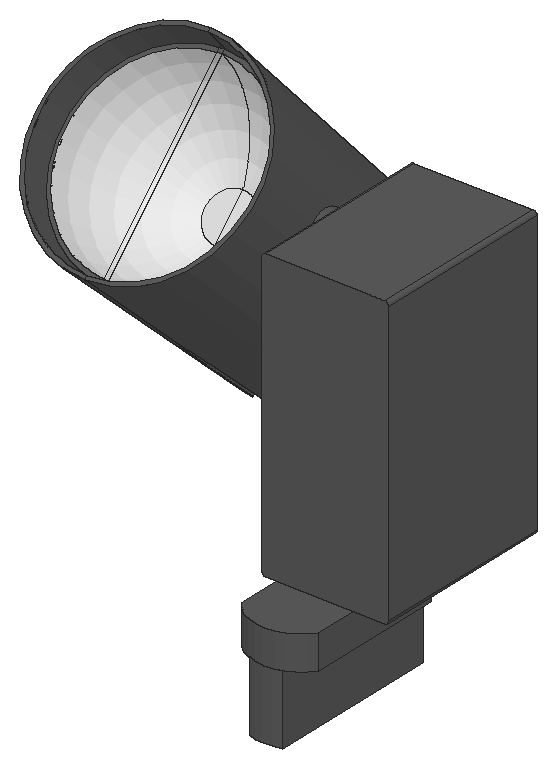
Revit family "0004888 Feilo Sylvania Lighting Fixture START TRACK SPOT S 24W 3K RA90 WB BLACK", category Lighting Fixtures, host Face, Revit 2017
Family settings
  Host = Face
  Round Connector Dimension = Use Diameter
  Part Type = Normal
  OmniClass Number = 23.80.70.00
  OmniClass Title = Lighting
  Cut with Voids When Loaded = No
  Light Source = No
  Shared = No
  Room Calculation Point = No
Parameters (values of type "0004888 START TRACK SPOT S 24W 3K RA90 WB BLACK")
  Weight = "0.966 kg"
  Wattage Comments = ""
  WarrantyStartDate [instance] = "n/a"
  WarrantyGuarantorParts = "n/a"
  WarrantyDurationUnit = "n/a"
  WarrantyDurationParts = "n/a"
  WarrantyDescription = "n/a"
  Voltage = 230 V
  URL = "http://www.sylvania-lighting.com"
  TypeName = "START TRACK SPOT S 24W 3K RA90 WB BLACK"
  TypeHead_FEILO = Start Track Spot Head : 0004888 START TRACK SPOT S 24W 3K RA90 WB BLACK
  TypeBox_FEILO = Start Track Spot Box : Type Small Black
  Type Image = <None>
  Type Comments = "n/a"
  VerticalRotation_FEILO [instance] = 0.00°
  SlideEndAngle_FEILO [instance] = VerticalRotation_FEILO + 180.00°  # 180.00°
  SerialNumber [instance] = "n/a"
  Material_3_FEILO = none
  PowerFactor = 0.95
  PowerConsumption = "24 W"
  NominalLength = 0 mm
  NominalHeight = 200 mm
  NominalDepth = 140 mm
  Name = "START TRACK SPOT S 24W 3K RA90 WB BLACK"
  ModelReference = Name  # "START TRACK SPOT S 24W 3K RA90 WB BLACK"
  ModelNumber = "0004888"
  Model = Name  # "START TRACK SPOT S 24W 3K RA90 WB BLACK"
  Material = "adc12 aluminium housing, polycarbonate diffuser"
  ManufacturerName = "Feilo Sylvania"
  Manufacturer = "Feilo Sylvania"
  LuminousEfficacy = "80 lm/W"
  LuminaireType = ""
  LightOutputRatio = "100"
  LampsType = Lamp  # "LED"
  LampNominalLuminous = "1928 lm"
  LampMacAdamStep = "3"
  LampColourTemperature = "3000 K"
  LampColourRenderingIndex = "90"
  Lamp = "LED"
  Keynote = "16500"
  InstallationDate [instance] = "n/a"
  InputVoltage = "230-240V~"
  InputNominalFrequency = "50/60 Hz"
  IngressProtection = "IP20"
  ImpactProtectionIndex = "IK02"
  IfcExportType = "IfcLightFixtureType"
  IfcExportAs = "IfcLightFixtureType"
  HorizontalRotation_FEILO [instance] = 45.00°
  ExpectedLife = 50000
  ElectricShockClassification = "Class II"
  DurationUnit = "hours"
  DocumentationLiterature = "http://www.sylvania-lighting.com/product/en-int/products/0004888"
  DimmingControlOptions = "Non dimmable"
  Material_2_FEILO = none
  Description = "Integrated LED spotlight, Textured Black - RAL9005, compact and minimalist design, ideal for retail applications, die-cast aluminium body, passive cooling heatsink. Beam angle: 64°, color temperature: 3000K , total system power: 24W, total fixture output: 1928 lm, LOR: 100%, colour rendering: Ra: 90 typical, LED Chromaticity: 3 step MacAdam ellipse, lifetime: >50000 hours at L70B50, energy class: A++, A+, A, IR/UV free light source without heat radiation, operating voltage: 220-240V / 50-60Hz, drive current: 600mA, electronic driver, non-dimmable, power factor: 0.95, electrical protection: Class II, Global Track 3 Phase adapter suitable for Global trac 3-circuit tracks, ingress protection rating: IP20, suitable for internal environment only, horizontal rotation: 355°, vertical tilt: 90°, dimensions: Ø86x140x200, weight: 0.966kg."
  Default Elevation = 1219.2 mm
  CreatedOn = "12/12/2017"
  CreatedBy = ""
  Cost = 0
  built-in parameter 1114216 [instance] = (empty or 0)
  ClassificationValue = "EF_70_80"
  ClassificationName = "Uniclass2015"
  Material_1_FEILO = Body-Sylvania-StartTrackSpot-Black
  BarCode [instance] = "n/a"
  AssetType = "Fixed"
  AssetIdentifier [instance] = "n/a"
  Assembly Code = "D5020200"
  Apparent Load = 24 VA
  Material_4_FEILO = none
Reference planes
  plane 1 "Center (Front/Back)": y = 0
  plane 2: z = 0
  plane 3 "Center (Left/Right)": x = 0
  plane 4: x = 15
  plane 5: x = -15
  plane 6: y = 35
  plane 7: y = -35
  plane 8: z = 13
  plane 9: z = -27
  plane 10: x = 6.5
  plane 11: x = -6.5
  plane 12: y = 27
  plane 13: y = -27
  plane 14: y = 20
Forms (mm)
  Extrusion 1, solid, material "Body-Sylvania-StartTrackSpot-Black" <- "Material_1_FEILO"
    sketch origin (0, 0, 0) x (1, 0, 0) y (0, 1, 0)
      loop
        line (-15, 27) -> (-15, -27)
        arc (-15, -27) -> (0, -35) -> (15, -27) r 18.062
        line (15, -27) -> (15, 27)
        arc (15, 27) -> (0, 35) -> (-15, 27) r 18.062
    from 0 to 13
  Extrusion 2, solid, material "Body-Sylvania-StartTrackSpot-Black" <- "Material_1_FEILO"
    sketch origin (0, 0, 0) x (1, 0, 0) y (0, 1, 0)
      loop
        arc (6.5, 33.79) -> (0, 35) -> (-6.5, 33.79) r 18.062
        line (-6.5, 33.79) -> (-6.5, -33.79)
        arc (-6.5, -33.79) -> (0, -35) -> (6.5, -33.79) r 18.062
        line (6.5, -33.79) -> (6.5, 33.79)
    from 0 to -27
  Revolve 3, solid, not visible
    sketch origin (1524, 20, 1219.2) x (1, 0, 0) y (0, 0, 1)
      loop
        line (-1524, -1206.2) -> (-1524, -1191.285) -> (-1530.5, -1191.285) -> (-1530.5, -1206.2) -> (-1524, -1206.2)
      axis (-1524, -1191.285) -> (-1524, -1206.2)
    angle from 0 <- "VerticalRotation_FEILO" to 180 <- "SlideEndAngle_FEILO"
Cuts and joins
  joined: Extrusion 1, Extrusion 2
Dimensions and locks
  equal spacing: plane 10, plane 3 "Center (Left/Right)", plane 11
  equal spacing: plane 4, plane 3 "Center (Left/Right)", plane 5
  locked: plane 8 to plane 2 at 13
  locked: plane 8 to plane 9 at 40
  equal spacing: plane 13, plane 1 "Center (Front/Back)", plane 12
  locked: plane 12 to plane 6 at 8
  locked: plane 14 to plane 6 at 15
  locked: Revolve 3 sketch curve to plane 8 at 14.915
  aligned and locked: plane 2 to host face
  aligned and locked: level to host face
  aligned and locked: plane 5 to Extrusion 1 sketch curve  (x2)
  aligned and locked: plane 12 to Extrusion 1 sketch curve
  aligned and locked: plane 13 to Extrusion 1 sketch curve
  aligned and locked: plane 4 to Extrusion 1 sketch curve
  aligned and locked: Extrusion 1 to plane 8
  aligned and locked: Extrusion 1 to level
  aligned and locked: Extrusion 2 sketch curve to Extrusion 1  (x2)
  aligned and locked: Extrusion 2 sketch curve to plane 11
  aligned and locked: plane 10 to Extrusion 2 sketch curve
  aligned and locked: plane 9 to Extrusion 2
  aligned and locked: level to Extrusion 2
  aligned and locked: Revolve 3 sketch curve to plane 3 "Center (Left/Right)"  (x2)
  aligned and locked: plane 11 to Revolve 3 sketch curve
  aligned and locked: Revolve 3 sketch curve to plane 8
Automatic sketch dimensions
  host sketch curve to host sketch curve = 2438.4 mm  (x2)
  Extrusion 1 sketch curve to plane 3 "Center (Left/Right)" = 0 mm  (x2)
  Extrusion 1 sketch curve to plane 13 = 10.062 mm
  plane 12 to Extrusion 1 sketch curve = 10.062 mm
  Revolve 3 sketch curve to plane 3 "Center (Left/Right)" = 0 mm
  plane 9 to Revolve 3 sketch curve = 582.6 mm
  Revolve 3 sketch curve to Revolve 3 sketch curve = 2581.144 mm
Nested families
  nested 1: "Start Track Spot Head" at (-62, 20, 112.529) x (0, 0.7071, 0.7071) z (0, 0.7071, -0.7071), type <- "TypeHead_FEILO", type "0004888 START TRACK SPOT S 24W 3K RA90 WB BLACK"
    with built-in parameter 1114216 (empty or 0)
  nested 2: "Start Track Spot Box" at (8.5, 20, 73) x (-1, 0, 0) z (0, -1, 0), BoxStartAngle_FEILO <- "HorizontalRotation_FEILO", type <- "TypeBox_FEILO", type "Type Small Black"
    with BoxStartAngle_FEILO 45.00°, BoxEndAngle_FEILO -135.00°
Connectors
  electrical at (0, 0, 0), driven by "Apparent Load", driven by "PowerFactor", driven by "Voltage"
    settings: index 1, voltage 230 V, apparent load 24 VA, apparent load phase1 0 VA, apparent load phase2 0 VA, apparent load phase3 0 VA, power factor 0.95, load classification "Lighting", number of poles 1, system type 30, power factor state 1, is connector primary yes, connector utility no, sub classification motor no, connector description ""
Definition of nested family "Start Track Spot Head"
  Parameters (values of type "0004811 START TRACK SPOT S 14W 3K RA80 NB WHITE")
    Wattage Comments = "n/a"
    Wattage = 14 W
    built-in parameter 1150110 = 1 (stored number, unit not read)
    URL = "http://www.feilosylvania.com"
    Type Image = (empty or 0)
    Type Comments = "n/a"
    built-in parameter 1114217 = 1 (stored number, unit not read)
    Tilt Angle = -90.00°
    built-in parameter 1150109 = 1 (stored number, unit not read)
    built-in parameter 1150134 = (empty or 0)
    built-in parameter 1150113 = 1 (stored number, unit not read)
    Photometric Web File = "0004811.ies"
    Material_3_FEILO = none
    Model = "START TRACK SPOT S 14W 3K RA80 NB WHITE"
    Manufacturer = "Feilo Sylvania"
    built-in parameter 1150105 = 123.66 (stored number, unit not read)
    Lumens = 1554 lm
    built-in parameter 1150115 = 1 (stored number, unit not read)
    built-in parameter 1150137 = (empty or 0)
    built-in parameter 1150139 = (empty or 0)
    built-in parameter 1150112 = 1 (stored number, unit not read)
    built-in parameter 1150114 = 1 (stored number, unit not read)
    Lamp = "LED"
    Keynote = "16500"
    Material_2_FEILO = none
    built-in parameter 1150132 = (empty or 0)
    built-in parameter 1150102 = (empty or 0)
    built-in parameter 1150107 = 3000 (stored number, unit not read)
    built-in parameter 1150138 = (empty or 0)
    built-in parameter 1150106 = 1.2366 (stored number, unit not read)
    HeadThickness_FEILO = if(HeadDiaOut_FEILO > 112 mm, 2 mm, 1.5 mm)  # 1.5 mm
    HeadRibOffset_FEILO = HeadHeight_FEILO / 28  # 4.179 mm
    HeadRibDepth_FEILO = HeadHeight_FEILO / 2.1  # 55.714 mm
    HeadRibCutWidth_FEILO = HeadDiaOut_FEILO / 12  # 7.167 mm
    HeadRibCutOffset_FEILO = HeadHeight_FEILO / 2.3  # 50.87 mm
    HeadReflectorRadius_FEILO = HeadDiaOut_FEILO / 1.7  # 50.588 mm
    HeadReflectorOffset_FEILO = HeadHeight_FEILO / 2.1  # 55.714 mm
    HeadLEDRadius_FEILO = HeadDiaOut_FEILO / 9  # 9.556 mm
    HeadHeight_FEILO = 117 mm
    HeadDraft_FEILO = 1 mm
    HeadDiffusorThickness_FEILO = 3 mm
    HeadDiffusorOffset_FEILO = HeadHeight_FEILO / 12.4  # 9.435 mm
    HeadDiaOut_FEILO = 86 mm
    HeadDiaIn_FEILO = HeadDiaOut_FEILO / 1.11  # 77.477 mm
    HeadAxisFromTop_FEILO = HeadHeight_FEILO / 1.687  # 69.354 mm
    Emit from Circle Diameter = HeadDiaIn_FEILO  # 77.477 mm
    Emit Shape Visible in Rendering = no
    built-in parameter 1150104 = 10.312 (stored number, unit not read)
    Dimming Lamp Color Temperature Shift = (empty or 0)
    Description = "Integrated LED spotlight, Textured White - RAL9016, compact and minimalist design, ideal for retail applications, die-cast aluminium body, passive cooling heatsink. Beam angle: 12°, color temperature: 3000K , total system power: 14W, total fixture output: 1551 lm, LOR: 100%, colour rendering: Ra: 80 typical, LED Chromaticity: 3 step MacAdam ellipse, lifetime: >50000 hours at L70B50, energy class: A++, A+, A, IR/UV free light source without heat radiation, operating voltage: 220-240V / 50-60Hz, drive current: 350mA, electronic driver, non-dimmable, power factor: 0.92, electrical protection: Class II, Global Track 3 Phase adapter suitable for Global trac 3-circuit tracks, ingress protection rating: IP20, suitable for internal environment only, horizontal rotation: 355°, vertical tilt: 90°, dimensions: Ø86x140x200, weight: 0.940kg."
    Default Elevation = 1219.2 mm
    Cost = 0
    Color Filter = 16777215
    built-in parameter 1114216 [instance] = (empty or 0)
    Material_1_FEILO = none
    built-in parameter 1114218 = 1 (stored number, unit not read)
    built-in parameter 1150133 = 10 (stored number, unit not read)
    Assembly Code = "D5020200"
    Apparent Load = 14 VA
    Material_4_FEILO = none
  Types (96, lengths in mm): name | Wattage | built-in parameter 1150134 | Photometric Web File | Model | built-in parameter 1150105 | Lumens | built-in parameter 1150107 | built-in parameter 1150106 | HeadThickness_FEILO | HeadRibOffset_FEILO | HeadRibDepth_FEILO | HeadRibCutWidth_FEILO | HeadRibCutOffset_FEILO | HeadReflectorRadius_FEILO | HeadReflectorOffset_FEILO | HeadLEDRadius_FEILO | HeadHeight_FEILO | HeadDiffusorOffset_FEILO | HeadDiaOut_FEILO | HeadDiaIn_FEILO | HeadAxisFromTop_FEILO | Emit from Circle Diameter | built-in parameter 1150104 | Description | Apparent Load
    0004906 START TRACK SPOT L 55W 4K RA90 WB BLACK | 55 W | 12 | "0004906.ies" | "START TRACK SPOT L 55W 4K RA90 WB BLACK" | 385.15 (stored number, unit not read) | 4840 lm | 4000 (stored number, unit not read) | 3.8515 (stored number, unit not read) | 2 | 4.429 | 59.048 | 9.417 | 53.913 | 66.471 | 59.048 | 12.556 | 124 | 10 | 113 | 101.802 | 73.503 | 101.802 | 8.1755 (stored number, unit not read) | "Integrated LED spotlight, Textured Black - RAL9005, compact and minimalist design, ideal for retail applications, die-cast aluminium body, passive cooling heatsink. Beam angle: 52°, color temperature: 4000K , total system power: 55W, total fixture output: 4824 lm, LOR: 100%, colour rendering: Ra: 90 typical, LED Chromaticity: 3 step MacAdam ellipse, lifetime: >50000 hours at L70B50, energy class: A++, A+, A, IR/UV free light source without heat radiation, operating voltage: 220-240V / 50-60Hz, drive current: 1400mA, electronic driver, non-dimmable, power factor: 0.96, electrical protection: Class II, Global Track 3 Phase adapter suitable for Global trac 3-circuit tracks, ingress protection rating: IP20, suitable for internal environment only, horizontal rotation: 355°, vertical tilt: 90°, dimensions: Ø113x164x240, weight: 1.398kg." | 55 VA
    0004905 START TRACK SPOT L 55W 4K RA90 MB BLACK | 55 W | 12 | "0004905.ies" | "START TRACK SPOT L 55W 4K RA90 MB BLACK" | 389.53 (stored number, unit not read) | 4895 lm | 4000 (stored number, unit not read) | 3.8953 (stored number, unit not read) | 2 | 4.429 | 59.048 | 9.417 | 53.913 | 66.471 | 59.048 | 12.556 | 124 | 10 | 113 | 101.802 | 73.503 | 101.802 | 8.2684 (stored number, unit not read) | "Integrated LED spotlight, Textured Black - RAL9005, compact and minimalist design, ideal for retail applications, die-cast aluminium body, passive cooling heatsink. Beam angle: 38°, color temperature: 4000K , total system power: 55W, total fixture output: 4897 lm, LOR: 100%, colour rendering: Ra: 90 typical, LED Chromaticity: 3 step MacAdam ellipse, lifetime: >50000 hours at L70B50, energy class: A++, A+, A, IR/UV free light source without heat radiation, operating voltage: 220-240V / 50-60Hz, drive current: 1400mA, electronic driver, non-dimmable, power factor: 0.96, electrical protection: Class II, Global Track 3 Phase adapter suitable for Global trac 3-circuit tracks, ingress protection rating: IP20, suitable for internal environment only, horizontal rotation: 355°, vertical tilt: 90°, dimensions: Ø113x164x240, weight: 1.398kg." | 55 VA
    0004904 START TRACK SPOT L 55W 4K RA90 NB BLACK | 55 W | 12 | "0004904.ies" | "START TRACK SPOT L 55W 4K RA90 NB BLACK" | 393.91 (stored number, unit not read) | 4950 lm | 4000 (stored number, unit not read) | 3.9391 (stored number, unit not read) | 2 | 4.429 | 59.048 | 9.417 | 53.913 | 66.471 | 59.048 | 12.556 | 124 | 10 | 113 | 101.802 | 73.503 | 101.802 | 8.3613 (stored number, unit not read) | "Integrated LED spotlight, Textured Black - RAL9005, compact and minimalist design, ideal for retail applications, die-cast aluminium body, passive cooling heatsink. Beam angle: 15°, color temperature: 4000K , total system power: 55W, total fixture output: 4965 lm, LOR: 100%, colour rendering: Ra: 90 typical, LED Chromaticity: 3 step MacAdam ellipse, lifetime: >50000 hours at L70B50, energy class: A++, A+, A, IR/UV free light source without heat radiation, operating voltage: 220-240V / 50-60Hz, drive current: 1400mA, electronic driver, non-dimmable, power factor: 0.96, electrical protection: Class II, Global Track 3 Phase adapter suitable for Global trac 3-circuit tracks, ingress protection rating: IP20, suitable for internal environment only, horizontal rotation: 355°, vertical tilt: 90°, dimensions: Ø113x164x240, weight: 1.398kg." | 55 VA
    0004903 START TRACK SPOT L 35W 4K RA90 WB BLACK | 35 W | 12 | "0004903.ies" | "START TRACK SPOT L 35W 4K RA90 WB BLACK" | 284.09 (stored number, unit not read) | 3570 lm | 4000 (stored number, unit not read) | 2.8409 (stored number, unit not read) | 2 | 4.429 | 59.048 | 9.417 | 53.913 | 66.471 | 59.048 | 12.556 | 124 | 10 | 113 | 101.802 | 73.503 | 101.802 | 9.4761 (stored number, unit not read) | "Integrated LED spotlight, Textured Black - RAL9005, compact and minimalist design, ideal for retail applications, die-cast aluminium body, passive cooling heatsink. Beam angle: 52°, color temperature: 4000K , total system power: 35W, total fixture output: 3562 lm, LOR: 100%, colour rendering: Ra: 90 typical, LED Chromaticity: 3 step MacAdam ellipse, lifetime: >50000 hours at L70B50, energy class: A++, A+, A, IR/UV free light source without heat radiation, operating voltage: 220-240V / 50-60Hz, drive current: 900mA, electronic driver, non-dimmable, power factor: 0.93, electrical protection: Class II, Global Track 3 Phase adapter suitable for Global trac 3-circuit tracks, ingress protection rating: IP20, suitable for internal environment only, horizontal rotation: 355°, vertical tilt: 90°, dimensions: Ø113x164x240, weight: 1.368kg." | 35 VA
    0004902 START TRACK SPOT L 35W 4K RA90 MB BLACK | 35 W | 12 | "0004902.ies" | "START TRACK SPOT L 35W 4K RA90 MB BLACK" | 286.88 (stored number, unit not read) | 3605 lm | 4000 (stored number, unit not read) | 2.8688 (stored number, unit not read) | 2 | 4.429 | 59.048 | 9.417 | 53.913 | 66.471 | 59.048 | 12.556 | 124 | 10 | 113 | 101.802 | 73.503 | 101.802 | 9.569 (stored number, unit not read) | "Integrated LED spotlight, Textured Black - RAL9005, compact and minimalist design, ideal for retail applications, die-cast aluminium body, passive cooling heatsink. Beam angle: 38°, color temperature: 4000K , total system power: 35W, total fixture output: 3616 lm, LOR: 100%, colour rendering: Ra: 90 typical, LED Chromaticity: 3 step MacAdam ellipse, lifetime: >50000 hours at L70B50, energy class: A++, A+, A, IR/UV free light source without heat radiation, operating voltage: 220-240V / 50-60Hz, drive current: 900mA, electronic driver, non-dimmable, power factor: 0.93, electrical protection: Class II, Global Track 3 Phase adapter suitable for Global trac 3-circuit tracks, ingress protection rating: IP20, suitable for internal environment only, horizontal rotation: 355°, vertical tilt: 90°, dimensions: Ø113x164x240, weight: 1.368kg." | 35 VA
    0004901 START TRACK SPOT L 35W 4K RA90 NB BLACK | 35 W | 12 | "0004901.ies" | "START TRACK SPOT L 35W 4K RA90 NB BLACK" | 286.88 (stored number, unit not read) | 3605 lm | 4000 (stored number, unit not read) | 2.8688 (stored number, unit not read) | 2 | 4.429 | 59.048 | 9.417 | 53.913 | 66.471 | 59.048 | 12.556 | 124 | 10 | 113 | 101.802 | 73.503 | 101.802 | 9.569 (stored number, unit not read) | "Integrated LED spotlight, Textured Black - RAL9005, compact and minimalist design, ideal for retail applications, die-cast aluminium body, passive cooling heatsink. Beam angle: 15°, color temperature: 4000K , total system power: 35W, total fixture output: 3593 lm, LOR: 100%, colour rendering: Ra: 90 typical, LED Chromaticity: 3 step MacAdam ellipse, lifetime: >50000 hours at L70B50, energy class: A++, A+, A, IR/UV free light source without heat radiation, operating voltage: 220-240V / 50-60Hz, drive current: 900mA, electronic driver, non-dimmable, power factor: 0.93, electrical protection: Class II, Global Track 3 Phase adapter suitable for Global trac 3-circuit tracks, ingress protection rating: IP20, suitable for internal environment only, horizontal rotation: 355°, vertical tilt: 90°, dimensions: Ø113x164x240, weight: 1.368kg." | 35 VA
    0004900 START TRACK SPOT S 24W 4K RA90 WB BLACK | 24 W | 12 | "0004900.ies" | "START TRACK SPOT S 24W 4K RA90 WB BLACK" | 166.16 (stored number, unit not read) | 2088 lm | 4000 (stored number, unit not read) | 1.6616 (stored number, unit not read) | 1.5 | 4.179 | 55.714 | 7.167 | 50.87 | 50.588 | 55.714 | 9.556 | 117 | 9.435 | 86 | 77.477 | 69.354 | 77.477 | 8.0826 (stored number, unit not read) | "Integrated LED spotlight, Textured Black - RAL9005, compact and minimalist design, ideal for retail applications, die-cast aluminium body, passive cooling heatsink. Beam angle: 64°, color temperature: 4000K , total system power: 24W, total fixture output: 2087 lm, LOR: 100%, colour rendering: Ra: 90 typical, LED Chromaticity: 3 step MacAdam ellipse, lifetime: >50000 hours at L70B50, energy class: A++, A+, A, IR/UV free light source without heat radiation, operating voltage: 220-240V / 50-60Hz, drive current: 600mA, electronic driver, non-dimmable, power factor: 0.95, electrical protection: Class II, Global Track 3 Phase adapter suitable for Global trac 3-circuit tracks, ingress protection rating: IP20, suitable for internal environment only, horizontal rotation: 355°, vertical tilt: 90°, dimensions: Ø86x140x200, weight: 0.966kg." | 24 VA
    0004899 START TRACK SPOT S 24W 4K RA90 MB BLACK | 24 W | 12 | "0004899.ies" | "START TRACK SPOT S 24W 4K RA90 MB BLACK" | 169.98 (stored number, unit not read) | 2136 lm | 4000 (stored number, unit not read) | 1.6998 (stored number, unit not read) | 1.5 | 4.179 | 55.714 | 7.167 | 50.87 | 50.588 | 55.714 | 9.556 | 117 | 9.435 | 86 | 77.477 | 69.354 | 77.477 | 8.2684 (stored number, unit not read) | "Integrated LED spotlight, Textured Black - RAL9005, compact and minimalist design, ideal for retail applications, die-cast aluminium body, passive cooling heatsink. Beam angle: 36°, color temperature: 4000K , total system power: 24W, total fixture output: 2141 lm, LOR: 100%, colour rendering: Ra: 90 typical, LED Chromaticity: 3 step MacAdam ellipse, lifetime: >50000 hours at L70B50, energy class: A++, A+, A, IR/UV free light source without heat radiation, operating voltage: 220-240V / 50-60Hz, drive current: 600mA, electronic driver, non-dimmable, power factor: 0.95, electrical protection: Class II, Global Track 3 Phase adapter suitable for Global trac 3-circuit tracks, ingress protection rating: IP20, suitable for internal environment only, horizontal rotation: 355°, vertical tilt: 90°, dimensions: Ø86x140x200, weight: 0.966kg." | 24 VA
    0004898 START TRACK SPOT S 24W 4K RA90 NB BLACK | 24 W | 12 | "0004898.ies" | "START TRACK SPOT S 24W 4K RA90 NB BLACK" | 171.89 (stored number, unit not read) | 2160 lm | 4000 (stored number, unit not read) | 1.7189 (stored number, unit not read) | 1.5 | 4.179 | 55.714 | 7.167 | 50.87 | 50.588 | 55.714 | 9.556 | 117 | 9.435 | 86 | 77.477 | 69.354 | 77.477 | 8.3613 (stored number, unit not read) | "Integrated LED spotlight, Textured Black - RAL9005, compact and minimalist design, ideal for retail applications, die-cast aluminium body, passive cooling heatsink. Beam angle: 12°, color temperature: 4000K , total system power: 24W, total fixture output: 2155 lm, LOR: 100%, colour rendering: Ra: 90 typical, LED Chromaticity: 3 step MacAdam ellipse, lifetime: >50000 hours at L70B50, energy class: A++, A+, A, IR/UV free light source without heat radiation, operating voltage: 220-240V / 50-60Hz, drive current: 600mA, electronic driver, non-dimmable, power factor: 0.95, electrical protection: Class II, Global Track 3 Phase adapter suitable for Global trac 3-circuit tracks, ingress protection rating: IP20, suitable for internal environment only, horizontal rotation: 355°, vertical tilt: 90°, dimensions: Ø86x140x200, weight: 0.966kg." | 24 VA
    0004897 START TRACK SPOT S 14W 4K RA90 WB BLACK | 14 W | 12 | "0004897.ies" | "START TRACK SPOT S 14W 4K RA90 WB BLACK" | 108.07 (stored number, unit not read) | 1358 lm | 4000 (stored number, unit not read) | 1.0807 (stored number, unit not read) | 1.5 | 4.179 | 55.714 | 7.167 | 50.87 | 50.588 | 55.714 | 9.556 | 117 | 9.435 | 86 | 77.477 | 69.354 | 77.477 | 9.0116 (stored number, unit not read) | "Integrated LED spotlight, Textured Black - RAL9005, compact and minimalist design, ideal for retail applications, die-cast aluminium body, passive cooling heatsink. Beam angle: 64°, color temperature: 4000K , total system power: 14W, total fixture output: 1352 lm, LOR: 100%, colour rendering: Ra: 90 typical, LED Chromaticity: 3 step MacAdam ellipse, lifetime: >50000 hours at L70B50, energy class: A++, A+, A, IR/UV free light source without heat radiation, operating voltage: 220-240V / 50-60Hz, drive current: 350mA, electronic driver, non-dimmable, power factor: 0.92, electrical protection: Class II, Global Track 3 Phase adapter suitable for Global trac 3-circuit tracks, ingress protection rating: IP20, suitable for internal environment only, horizontal rotation: 355°, vertical tilt: 90°, dimensions: Ø86x140x200, weight: 0.940kg." | 14 VA
    0004896 START TRACK SPOT S 14W 4K RA90 MB BLACK | 14 W | 12 | "0004896.ies" | "START TRACK SPOT S 14W 4K RA90 MB BLACK" | 108.07 (stored number, unit not read) | 1358 lm | 4000 (stored number, unit not read) | 1.0807 (stored number, unit not read) | 1.5 | 4.179 | 55.714 | 7.167 | 50.87 | 50.588 | 55.714 | 9.556 | 117 | 9.435 | 86 | 77.477 | 69.354 | 77.477 | 9.0116 (stored number, unit not read) | "Integrated LED spotlight, Textured Black - RAL9005, compact and minimalist design, ideal for retail applications, die-cast aluminium body, passive cooling heatsink. Beam angle: 36°, color temperature: 4000K , total system power: 14W, total fixture output: 1359 lm, LOR: 100%, colour rendering: Ra: 90 typical, LED Chromaticity: 3 step MacAdam ellipse, lifetime: >50000 hours at L70B50, energy class: A++, A+, A, IR/UV free light source without heat radiation, operating voltage: 220-240V / 50-60Hz, drive current: 350mA, electronic driver, non-dimmable, power factor: 0.92, electrical protection: Class II, Global Track 3 Phase adapter suitable for Global trac 3-circuit tracks, ingress protection rating: IP20, suitable for internal environment only, horizontal rotation: 355°, vertical tilt: 90°, dimensions: Ø86x140x200, weight: 0.940kg." | 14 VA
    0004895 START TRACK SPOT S 14W 4K RA90 NB BLACK | 14 W | 12 | "0004895.ies" | "START TRACK SPOT S 14W 4K RA90 NB BLACK" | 106.95 (stored number, unit not read) | 1344 lm | 4000 (stored number, unit not read) | 1.0695 (stored number, unit not read) | 1.5 | 4.179 | 55.714 | 7.167 | 50.87 | 50.588 | 55.714 | 9.556 | 117 | 9.435 | 86 | 77.477 | 69.354 | 77.477 | 8.9187 (stored number, unit not read) | "Integrated LED spotlight, Textured Black - RAL9005, compact and minimalist design, ideal for retail applications, die-cast aluminium body, passive cooling heatsink. Beam angle: 12°, color temperature: 4000K , total system power: 14W, total fixture output: 1349 lm, LOR: 100%, colour rendering: Ra: 90 typical, LED Chromaticity: 3 step MacAdam ellipse, lifetime: >50000 hours at L70B50, energy class: A++, A+, A, IR/UV free light source without heat radiation, operating voltage: 220-240V / 50-60Hz, drive current: 350mA, electronic driver, non-dimmable, power factor: 0.92, electrical protection: Class II, Global Track 3 Phase adapter suitable for Global trac 3-circuit tracks, ingress protection rating: IP20, suitable for internal environment only, horizontal rotation: 355°, vertical tilt: 90°, dimensions: Ø86x140x200, weight: 0.940kg." | 14 VA
    0004894 START TRACK SPOT L 55W 3K RA90 WB BLACK | 55 W | (empty or 0) | "0004894.ies" | "START TRACK SPOT L 55W 3K RA90 WB BLACK" | 350.14 (stored number, unit not read) | 4400 lm | 3000 (stored number, unit not read) | 3.5014 (stored number, unit not read) | 2 | 4.429 | 59.048 | 9.417 | 53.913 | 66.471 | 59.048 | 12.556 | 124 | 10 | 113 | 101.802 | 73.503 | 101.802 | 7.4322 (stored number, unit not read) | "Integrated LED spotlight, Textured Black - RAL9005, compact and minimalist design, ideal for retail applications, die-cast aluminium body, passive cooling heatsink. Beam angle: 52°, color temperature: 3000K , total system power: 55W, total fixture output: 4405 lm, LOR: 100%, colour rendering: Ra: 90 typical, LED Chromaticity: 3 step MacAdam ellipse, lifetime: >50000 hours at L70B50, energy class: A++, A+, A, IR/UV free light source without heat radiation, operating voltage: 220-240V / 50-60Hz, drive current: 1400mA, electronic driver, non-dimmable, power factor: 0.96, electrical protection: Class II, Global Track 3 Phase adapter suitable for Global trac 3-circuit tracks, ingress protection rating: IP20, suitable for internal environment only, horizontal rotation: 355°, vertical tilt: 90°, dimensions: Ø113x164x240, weight: 1.398kg." | 55 VA
    0004893 START TRACK SPOT L 55W 3K RA90 MB BLACK | 55 W | (empty or 0) | "0004893.ies" | "START TRACK SPOT L 55W 3K RA90 MB BLACK" | 354.52 (stored number, unit not read) | 4455 lm | 3000 (stored number, unit not read) | 3.5452 (stored number, unit not read) | 2 | 4.429 | 59.048 | 9.417 | 53.913 | 66.471 | 59.048 | 12.556 | 124 | 10 | 113 | 101.802 | 73.503 | 101.802 | 7.5251 (stored number, unit not read) | "Integrated LED spotlight, Textured Black - RAL9005, compact and minimalist design, ideal for retail applications, die-cast aluminium body, passive cooling heatsink. Beam angle: 38°, color temperature: 3000K , total system power: 55W, total fixture output: 4448 lm, LOR: 100%, colour rendering: Ra: 90 typical, LED Chromaticity: 3 step MacAdam ellipse, lifetime: >50000 hours at L70B50, energy class: A++, A+, A, IR/UV free light source without heat radiation, operating voltage: 220-240V / 50-60Hz, drive current: 1400mA, electronic driver, non-dimmable, power factor: 0.96, electrical protection: Class II, Global Track 3 Phase adapter suitable for Global trac 3-circuit tracks, ingress protection rating: IP20, suitable for internal environment only, horizontal rotation: 355°, vertical tilt: 90°, dimensions: Ø113x164x240, weight: 1.398kg." | 55 VA
    0004892 START TRACK SPOT L 55W 3K RA90 NB BLACK | 55 W | (empty or 0) | "0004892.ies" | "START TRACK SPOT L 55W 3K RA90 NB BLACK" | 350.14 (stored number, unit not read) | 4400 lm | 3000 (stored number, unit not read) | 3.5014 (stored number, unit not read) | 2 | 4.429 | 59.048 | 9.417 | 53.913 | 66.471 | 59.048 | 12.556 | 124 | 10 | 113 | 101.802 | 73.503 | 101.802 | 7.4322 (stored number, unit not read) | "Integrated LED spotlight, Textured Black - RAL9005, compact and minimalist design, ideal for retail applications, die-cast aluminium body, passive cooling heatsink. Beam angle: 15°, color temperature: 3000K , total system power: 55W, total fixture output: 4416 lm, LOR: 100%, colour rendering: Ra: 90 typical, LED Chromaticity: 3 step MacAdam ellipse, lifetime: >50000 hours at L70B50, energy class: A++, A+, A, IR/UV free light source without heat radiation, operating voltage: 220-240V / 50-60Hz, drive current: 1400mA, electronic driver, non-dimmable, power factor: 0.96, electrical protection: Class II, Global Track 3 Phase adapter suitable for Global trac 3-circuit tracks, ingress protection rating: IP20, suitable for internal environment only, horizontal rotation: 355°, vertical tilt: 90°, dimensions: Ø113x164x240, weight: 1.398kg." | 55 VA
    0004891 START TRACK SPOT L 35W 3K RA90 WB BLACK | 35 W | (empty or 0) | "0004891.ies" | "START TRACK SPOT L 35W 3K RA90 WB BLACK" | 259.02 (stored number, unit not read) | 3255 lm | 3000 (stored number, unit not read) | 2.5902 (stored number, unit not read) | 2 | 4.429 | 59.048 | 9.417 | 53.913 | 66.471 | 59.048 | 12.556 | 124 | 10 | 113 | 101.802 | 73.503 | 101.802 | 8.64 (stored number, unit not read) | "Integrated LED spotlight, Textured Black - RAL9005, compact and minimalist design, ideal for retail applications, die-cast aluminium body, passive cooling heatsink. Beam angle: 52°, color temperature: 3000K , total system power: 35W, total fixture output: 3260 lm, LOR: 100%, colour rendering: Ra: 90 typical, LED Chromaticity: 3 step MacAdam ellipse, lifetime: >50000 hours at L70B50, energy class: A++, A+, A, IR/UV free light source without heat radiation, operating voltage: 220-240V / 50-60Hz, drive current: 900mA, electronic driver, non-dimmable, power factor: 0.93, electrical protection: Class II, Global Track 3 Phase adapter suitable for Global trac 3-circuit tracks, ingress protection rating: IP20, suitable for internal environment only, horizontal rotation: 355°, vertical tilt: 90°, dimensions: Ø113x164x240, weight: 1.368kg." | 35 VA
    0004890 START TRACK SPOT L 35W 3K RA90 MB BLACK | 35 W | (empty or 0) | "0004890.ies" | "START TRACK SPOT L 35W 3K RA90 MB BLACK" | 261.81 (stored number, unit not read) | 3290 lm | 3000 (stored number, unit not read) | 2.6181 (stored number, unit not read) | 2 | 4.429 | 59.048 | 9.417 | 53.913 | 66.471 | 59.048 | 12.556 | 124 | 10 | 113 | 101.802 | 73.503 | 101.802 | 8.7329 (stored number, unit not read) | "Integrated LED spotlight, Textured Black - RAL9005, compact and minimalist design, ideal for retail applications, die-cast aluminium body, passive cooling heatsink. Beam angle: 38°, color temperature: 3000K , total system power: 35W, total fixture output: 3306 lm, LOR: 100%, colour rendering: Ra: 90 typical, LED Chromaticity: 3 step MacAdam ellipse, lifetime: >50000 hours at L70B50, energy class: A++, A+, A, IR/UV free light source without heat radiation, operating voltage: 220-240V / 50-60Hz, drive current: 900mA, electronic driver, non-dimmable, power factor: 0.93, electrical protection: Class II, Global Track 3 Phase adapter suitable for Global trac 3-circuit tracks, ingress protection rating: IP20, suitable for internal environment only, horizontal rotation: 355°, vertical tilt: 90°, dimensions: Ø113x164x240, weight: 1.368kg." | 35 VA
    0004889 START TRACK SPOT L 35W 3K RA90 NB BLACK | 35 W | (empty or 0) | "0004889.ies" | "START TRACK SPOT L 35W 3K RA90 NB BLACK" | 261.81 (stored number, unit not read) | 3290 lm | 3000 (stored number, unit not read) | 2.6181 (stored number, unit not read) | 2 | 4.429 | 59.048 | 9.417 | 53.913 | 66.471 | 59.048 | 12.556 | 124 | 10 | 113 | 101.802 | 73.503 | 101.802 | 8.7329 (stored number, unit not read) | "Integrated LED spotlight, Textured Black - RAL9005, compact and minimalist design, ideal for retail applications, die-cast aluminium body, passive cooling heatsink. Beam angle: 15°, color temperature: 3000K , total system power: 35W, total fixture output: 3287 lm, LOR: 100%, colour rendering: Ra: 90 typical, LED Chromaticity: 3 step MacAdam ellipse, lifetime: >50000 hours at L70B50, energy class: A++, A+, A, IR/UV free light source without heat radiation, operating voltage: 220-240V / 50-60Hz, drive current: 900mA, electronic driver, non-dimmable, power factor: 0.93, electrical protection: Class II, Global Track 3 Phase adapter suitable for Global trac 3-circuit tracks, ingress protection rating: IP20, suitable for internal environment only, horizontal rotation: 355°, vertical tilt: 90°, dimensions: Ø113x164x240, weight: 1.368kg." | 35 VA
    0004888 START TRACK SPOT S 24W 3K RA90 WB BLACK | 24 W | (empty or 0) | "0004888.ies" | "START TRACK SPOT S 24W 3K RA90 WB BLACK" | 152.79 (stored number, unit not read) | 1920 lm | 3000 (stored number, unit not read) | 1.5279 (stored number, unit not read) | 1.5 | 4.179 | 55.714 | 7.167 | 50.87 | 50.588 | 55.714 | 9.556 | 117 | 9.435 | 86 | 77.477 | 69.354 | 77.477 | 7.4322 (stored number, unit not read) | "Integrated LED spotlight, Textured Black - RAL9005, compact and minimalist design, ideal for retail applications, die-cast aluminium body, passive cooling heatsink. Beam angle: 64°, color temperature: 3000K , total system power: 24W, total fixture output: 1928 lm, LOR: 100%, colour rendering: Ra: 90 typical, LED Chromaticity: 3 step MacAdam ellipse, lifetime: >50000 hours at L70B50, energy class: A++, A+, A, IR/UV free light source without heat radiation, operating voltage: 220-240V / 50-60Hz, drive current: 600mA, electronic driver, non-dimmable, power factor: 0.95, electrical protection: Class II, Global Track 3 Phase adapter suitable for Global trac 3-circuit tracks, ingress protection rating: IP20, suitable for internal environment only, horizontal rotation: 355°, vertical tilt: 90°, dimensions: Ø86x140x200, weight: 0.966kg." | 24 VA
    0004887 START TRACK SPOT S 24W 3K RA90 MB BLACK | 24 W | (empty or 0) | "0004887.ies" | "START TRACK SPOT S 24W 3K RA90 MB BLACK" | 154.7 (stored number, unit not read) | 1944 lm | 3000 (stored number, unit not read) | 1.547 (stored number, unit not read) | 1.5 | 4.179 | 55.714 | 7.167 | 50.87 | 50.588 | 55.714 | 9.556 | 117 | 9.435 | 86 | 77.477 | 69.354 | 77.477 | 7.5251 (stored number, unit not read) | "Integrated LED spotlight, Textured Black - RAL9005, compact and minimalist design, ideal for retail applications, die-cast aluminium body, passive cooling heatsink. Beam angle: 36°, color temperature: 3000K , total system power: 24W, total fixture output: 1944 lm, LOR: 100%, colour rendering: Ra: 90 typical, LED Chromaticity: 3 step MacAdam ellipse, lifetime: >50000 hours at L70B50, energy class: A++, A+, A, IR/UV free light source without heat radiation, operating voltage: 220-240V / 50-60Hz, drive current: 600mA, electronic driver, non-dimmable, power factor: 0.95, electrical protection: Class II, Global Track 3 Phase adapter suitable for Global trac 3-circuit tracks, ingress protection rating: IP20, suitable for internal environment only, horizontal rotation: 355°, vertical tilt: 90°, dimensions: Ø86x140x200, weight: 0.966kg." | 24 VA
    0004886 START TRACK SPOT S 24W 3K RA90 NB BLACK | 24 W | (empty or 0) | "0004886.ies" | "START TRACK SPOT S 24W 3K RA90 NB BLACK" | 158.52 (stored number, unit not read) | 1992 lm | 3000 (stored number, unit not read) | 1.5852 (stored number, unit not read) | 1.5 | 4.179 | 55.714 | 7.167 | 50.87 | 50.588 | 55.714 | 9.556 | 117 | 9.435 | 86 | 77.477 | 69.354 | 77.477 | 7.711 (stored number, unit not read) | "Integrated LED spotlight, Textured Black - RAL9005, compact and minimalist design, ideal for retail applications, die-cast aluminium body, passive cooling heatsink. Beam angle: 12°, color temperature: 3000K , total system power: 24W, total fixture output: 1987 lm, LOR: 100%, colour rendering: Ra: 90 typical, LED Chromaticity: 3 step MacAdam ellipse, lifetime: >50000 hours at L70B50, energy class: A++, A+, A, IR/UV free light source without heat radiation, operating voltage: 220-240V / 50-60Hz, drive current: 600mA, electronic driver, non-dimmable, power factor: 0.95, electrical protection: Class II, Global Track 3 Phase adapter suitable for Global trac 3-circuit tracks, ingress protection rating: IP20, suitable for internal environment only, horizontal rotation: 355°, vertical tilt: 90°, dimensions: Ø86x140x200, weight: 0.966kg." | 24 VA
    0004885 START TRACK SPOT S 14W 3K RA90 WB BLACK | 14 W | (empty or 0) | "0004885.ies" | "START TRACK SPOT S 14W 3K RA90 WB BLACK" | 100.27 (stored number, unit not read) | 1260 lm | 3000 (stored number, unit not read) | 1.0027 (stored number, unit not read) | 1.5 | 4.179 | 55.714 | 7.167 | 50.87 | 50.588 | 55.714 | 9.556 | 117 | 9.435 | 86 | 77.477 | 69.354 | 77.477 | 8.3613 (stored number, unit not read) | "Integrated LED spotlight, Textured Black - RAL9005, compact and minimalist design, ideal for retail applications, die-cast aluminium body, passive cooling heatsink. Beam angle: 64°, color temperature: 3000K , total system power: 14W, total fixture output: 1262 lm, LOR: 100%, colour rendering: Ra: 90 typical, LED Chromaticity: 3 step MacAdam ellipse, lifetime: >50000 hours at L70B50, energy class: A++, A+, A, IR/UV free light source without heat radiation, operating voltage: 220-240V / 50-60Hz, drive current: 350mA, electronic driver, non-dimmable, power factor: 0.92, electrical protection: Class II, Global Track 3 Phase adapter suitable for Global trac 3-circuit tracks, ingress protection rating: IP20, suitable for internal environment only, horizontal rotation: 355°, vertical tilt: 90°, dimensions: Ø86x140x200, weight: 0.940kg." | 14 VA
    0004884 START TRACK SPOT S 14W 3K RA90 MB BLACK | 14 W | (empty or 0) | "0004884.ies" | "START TRACK SPOT S 14W 3K RA90 MB BLACK" | 100.27 (stored number, unit not read) | 1260 lm | 3000 (stored number, unit not read) | 1.0027 (stored number, unit not read) | 1.5 | 4.179 | 55.714 | 7.167 | 50.87 | 50.588 | 55.714 | 9.556 | 117 | 9.435 | 86 | 77.477 | 69.354 | 77.477 | 8.3613 (stored number, unit not read) | "Integrated LED spotlight, Textured Black - RAL9005, compact and minimalist design, ideal for retail applications, die-cast aluminium body, passive cooling heatsink. Beam angle: 36°, color temperature: 3000K , total system power: 14W, total fixture output: 1262 lm, LOR: 100%, colour rendering: Ra: 90 typical, LED Chromaticity: 3 step MacAdam ellipse, lifetime: >50000 hours at L70B50, energy class: A++, A+, A, IR/UV free light source without heat radiation, operating voltage: 220-240V / 50-60Hz, drive current: 350mA, electronic driver, non-dimmable, power factor: 0.92, electrical protection: Class II, Global Track 3 Phase adapter suitable for Global trac 3-circuit tracks, ingress protection rating: IP20, suitable for internal environment only, horizontal rotation: 355°, vertical tilt: 90°, dimensions: Ø86x140x200, weight: 0.940kg." | 14 VA
    0004883 START TRACK SPOT S 14W 3K RA90 NB BLACK | 14 W | (empty or 0) | "0004883.ies" | "START TRACK SPOT S 14W 3K RA90 NB BLACK" | 102.5 (stored number, unit not read) | 1288 lm | 3000 (stored number, unit not read) | 1.025 (stored number, unit not read) | 1.5 | 4.179 | 55.714 | 7.167 | 50.87 | 50.588 | 55.714 | 9.556 | 117 | 9.435 | 86 | 77.477 | 69.354 | 77.477 | 8.5471 (stored number, unit not read) | "Integrated LED spotlight, Textured Black - RAL9005, compact and minimalist design, ideal for retail applications, die-cast aluminium body, passive cooling heatsink. Beam angle: 12°, color temperature: 3000K , total system power: 14W, total fixture output: 1284 lm, LOR: 100%, colour rendering: Ra: 90 typical, LED Chromaticity: 3 step MacAdam ellipse, lifetime: >50000 hours at L70B50, energy class: A++, A+, A, IR/UV free light source without heat radiation, operating voltage: 220-240V / 50-60Hz, drive current: 350mA, electronic driver, non-dimmable, power factor: 0.92, electrical protection: Class II, Global Track 3 Phase adapter suitable for Global trac 3-circuit tracks, ingress protection rating: IP20, suitable for internal environment only, horizontal rotation: 355°, vertical tilt: 90°, dimensions: Ø86x140x200, weight: 0.940kg." | 14 VA
    0004882 START TRACK SPOT L 55W 4K RA90 WB WHITE | 55 W | 12 | "0004882.ies" | "START TRACK SPOT L 55W 4K RA90 WB WHITE" | 385.15 (stored number, unit not read) | 4840 lm | 4000 (stored number, unit not read) | 3.8515 (stored number, unit not read) | 2 | 4.429 | 59.048 | 9.417 | 53.913 | 66.471 | 59.048 | 12.556 | 124 | 10 | 113 | 101.802 | 73.503 | 101.802 | 8.1755 (stored number, unit not read) | "Integrated LED spotlight, Textured White - RAL9016, compact and minimalist design, ideal for retail applications, die-cast aluminium body, passive cooling heatsink. Beam angle: 52°, color temperature: 4000K , total system power: 55W, total fixture output: 4824 lm, LOR: 100%, colour rendering: Ra: 90 typical, LED Chromaticity: 3 step MacAdam ellipse, lifetime: >50000 hours at L70B50, energy class: A++, A+, A, IR/UV free light source without heat radiation, operating voltage: 220-240V / 50-60Hz, drive current: 1400mA, electronic driver, non-dimmable, power factor: 0.96, electrical protection: Class II, Global Track 3 Phase adapter suitable for Global trac 3-circuit tracks, ingress protection rating: IP20, suitable for internal environment only, horizontal rotation: 355°, vertical tilt: 90°, dimensions: Ø113x164x240, weight: 1.398kg." | 55 VA
    0004881 START TRACK SPOT L 55W 4K RA90 MB WHITE | 55 W | 12 | "0004881.ies" | "START TRACK SPOT L 55W 4K RA90 MB WHITE" | 389.53 (stored number, unit not read) | 4895 lm | 4000 (stored number, unit not read) | 3.8953 (stored number, unit not read) | 2 | 4.429 | 59.048 | 9.417 | 53.913 | 66.471 | 59.048 | 12.556 | 124 | 10 | 113 | 101.802 | 73.503 | 101.802 | 8.2684 (stored number, unit not read) | "Integrated LED spotlight, Textured White - RAL9016, compact and minimalist design, ideal for retail applications, die-cast aluminium body, passive cooling heatsink. Beam angle: 38°, color temperature: 4000K , total system power: 55W, total fixture output: 4897 lm, LOR: 100%, colour rendering: Ra: 90 typical, LED Chromaticity: 3 step MacAdam ellipse, lifetime: >50000 hours at L70B50, energy class: A++, A+, A, IR/UV free light source without heat radiation, operating voltage: 220-240V / 50-60Hz, drive current: 1400mA, electronic driver, non-dimmable, power factor: 0.96, electrical protection: Class II, Global Track 3 Phase adapter suitable for Global trac 3-circuit tracks, ingress protection rating: IP20, suitable for internal environment only, horizontal rotation: 355°, vertical tilt: 90°, dimensions: Ø113x164x240, weight: 1.398kg." | 55 VA
    0004880 START TRACK SPOT L 55W 4K RA90 NB WHITE | 55 W | 12 | "0004880.ies" | "START TRACK SPOT L 55W 4K RA90 NB WHITE" | 393.91 (stored number, unit not read) | 4950 lm | 4000 (stored number, unit not read) | 3.9391 (stored number, unit not read) | 2 | 4.429 | 59.048 | 9.417 | 53.913 | 66.471 | 59.048 | 12.556 | 124 | 10 | 113 | 101.802 | 73.503 | 101.802 | 8.3613 (stored number, unit not read) | "Integrated LED spotlight, Textured White - RAL9016, compact and minimalist design, ideal for retail applications, die-cast aluminium body, passive cooling heatsink. Beam angle: 15°, color temperature: 4000K , total system power: 55W, total fixture output: 4965 lm, LOR: 100%, colour rendering: Ra: 90 typical, LED Chromaticity: 3 step MacAdam ellipse, lifetime: >50000 hours at L70B50, energy class: A++, A+, A, IR/UV free light source without heat radiation, operating voltage: 220-240V / 50-60Hz, drive current: 1400mA, electronic driver, non-dimmable, power factor: 0.96, electrical protection: Class II, Global Track 3 Phase adapter suitable for Global trac 3-circuit tracks, ingress protection rating: IP20, suitable for internal environment only, horizontal rotation: 355°, vertical tilt: 90°, dimensions: Ø113x164x240, weight: 1.398kg." | 55 VA
    0004879 START TRACK SPOT L 35W 4K RA90 WB WHITE | 35 W | 12 | "0004879.ies" | "START TRACK SPOT L 35W 4K RA90 WB WHITE" | 284.09 (stored number, unit not read) | 3570 lm | 4000 (stored number, unit not read) | 2.8409 (stored number, unit not read) | 2 | 4.429 | 59.048 | 9.417 | 53.913 | 66.471 | 59.048 | 12.556 | 124 | 10 | 113 | 101.802 | 73.503 | 101.802 | 9.4761 (stored number, unit not read) | "Integrated LED spotlight, Textured White - RAL9016, compact and minimalist design, ideal for retail applications, die-cast aluminium body, passive cooling heatsink. Beam angle: 52°, color temperature: 4000K , total system power: 35W, total fixture output: 3562 lm, LOR: 100%, colour rendering: Ra: 90 typical, LED Chromaticity: 3 step MacAdam ellipse, lifetime: >50000 hours at L70B50, energy class: A++, A+, A, IR/UV free light source without heat radiation, operating voltage: 220-240V / 50-60Hz, drive current: 900mA, electronic driver, non-dimmable, power factor: 0.93, electrical protection: Class II, Global Track 3 Phase adapter suitable for Global trac 3-circuit tracks, ingress protection rating: IP20, suitable for internal environment only, horizontal rotation: 355°, vertical tilt: 90°, dimensions: Ø113x164x240, weight: 1.368kg." | 35 VA
    0004878 START TRACK SPOT L 35W 4K RA90 MB WHITE | 35 W | 12 | "0004878.ies" | "START TRACK SPOT L 35W 4K RA90 MB WHITE" | 286.88 (stored number, unit not read) | 3605 lm | 4000 (stored number, unit not read) | 2.8688 (stored number, unit not read) | 2 | 4.429 | 59.048 | 9.417 | 53.913 | 66.471 | 59.048 | 12.556 | 124 | 10 | 113 | 101.802 | 73.503 | 101.802 | 9.569 (stored number, unit not read) | "Integrated LED spotlight, Textured White - RAL9016, compact and minimalist design, ideal for retail applications, die-cast aluminium body, passive cooling heatsink. Beam angle: 38°, color temperature: 4000K , total system power: 35W, total fixture output: 3616 lm, LOR: 100%, colour rendering: Ra: 90 typical, LED Chromaticity: 3 step MacAdam ellipse, lifetime: >50000 hours at L70B50, energy class: A++, A+, A, IR/UV free light source without heat radiation, operating voltage: 220-240V / 50-60Hz, drive current: 900mA, electronic driver, non-dimmable, power factor: 0.93, electrical protection: Class II, Global Track 3 Phase adapter suitable for Global trac 3-circuit tracks, ingress protection rating: IP20, suitable for internal environment only, horizontal rotation: 355°, vertical tilt: 90°, dimensions: Ø113x164x240, weight: 1.368kg." | 35 VA
    0004877 START TRACK SPOT L 35W 4K RA90 NB WHITE | 35 W | 12 | "0004877.ies" | "START TRACK SPOT L 35W 4K RA90 NB WHITE" | 286.88 (stored number, unit not read) | 3605 lm | 4000 (stored number, unit not read) | 2.8688 (stored number, unit not read) | 2 | 4.429 | 59.048 | 9.417 | 53.913 | 66.471 | 59.048 | 12.556 | 124 | 10 | 113 | 101.802 | 73.503 | 101.802 | 9.569 (stored number, unit not read) | "Integrated LED spotlight, Textured White - RAL9016, compact and minimalist design, ideal for retail applications, die-cast aluminium body, passive cooling heatsink. Beam angle: 15°, color temperature: 4000K , total system power: 35W, total fixture output: 3593 lm, LOR: 100%, colour rendering: Ra: 90 typical, LED Chromaticity: 3 step MacAdam ellipse, lifetime: >50000 hours at L70B50, energy class: A++, A+, A, IR/UV free light source without heat radiation, operating voltage: 220-240V / 50-60Hz, drive current: 900mA, electronic driver, non-dimmable, power factor: 0.93, electrical protection: Class II, Global Track 3 Phase adapter suitable for Global trac 3-circuit tracks, ingress protection rating: IP20, suitable for internal environment only, horizontal rotation: 355°, vertical tilt: 90°, dimensions: Ø113x164x240, weight: 1.368kg." | 35 VA
    0004876 START TRACK SPOT S 24W 4K RA90 WB WHITE | 24 W | 12 | "0004876.ies" | "START TRACK SPOT S 24W 4K RA90 WB WHITE" | 166.16 (stored number, unit not read) | 2088 lm | 4000 (stored number, unit not read) | 1.6616 (stored number, unit not read) | 1.5 | 4.179 | 55.714 | 7.167 | 50.87 | 50.588 | 55.714 | 9.556 | 117 | 9.435 | 86 | 77.477 | 69.354 | 77.477 | 8.0826 (stored number, unit not read) | "Integrated LED spotlight, Textured White - RAL9016, compact and minimalist design, ideal for retail applications, die-cast aluminium body, passive cooling heatsink. Beam angle: 64°, color temperature: 4000K , total system power: 24W, total fixture output: 2087 lm, LOR: 100%, colour rendering: Ra: 90 typical, LED Chromaticity: 3 step MacAdam ellipse, lifetime: >50000 hours at L70B50, energy class: A++, A+, A, IR/UV free light source without heat radiation, operating voltage: 220-240V / 50-60Hz, drive current: 600mA, electronic driver, non-dimmable, power factor: 0.95, electrical protection: Class II, Global Track 3 Phase adapter suitable for Global trac 3-circuit tracks, ingress protection rating: IP20, suitable for internal environment only, horizontal rotation: 355°, vertical tilt: 90°, dimensions: Ø86x140x200, weight: 0.966kg." | 24 VA
    0004875 START TRACK SPOT S 24W 4K RA90 MB WHITE | 24 W | 12 | "0004875.ies" | "START TRACK SPOT S 24W 4K RA90 MB WHITE" | 169.98 (stored number, unit not read) | 2136 lm | 4000 (stored number, unit not read) | 1.6998 (stored number, unit not read) | 1.5 | 4.179 | 55.714 | 7.167 | 50.87 | 50.588 | 55.714 | 9.556 | 117 | 9.435 | 86 | 77.477 | 69.354 | 77.477 | 8.2684 (stored number, unit not read) | "Integrated LED spotlight, Textured White - RAL9016, compact and minimalist design, ideal for retail applications, die-cast aluminium body, passive cooling heatsink. Beam angle: 36°, color temperature: 4000K , total system power: 24W, total fixture output: 2141 lm, LOR: 100%, colour rendering: Ra: 90 typical, LED Chromaticity: 3 step MacAdam ellipse, lifetime: >50000 hours at L70B50, energy class: A++, A+, A, IR/UV free light source without heat radiation, operating voltage: 220-240V / 50-60Hz, drive current: 600mA, electronic driver, non-dimmable, power factor: 0.95, electrical protection: Class II, Global Track 3 Phase adapter suitable for Global trac 3-circuit tracks, ingress protection rating: IP20, suitable for internal environment only, horizontal rotation: 355°, vertical tilt: 90°, dimensions: Ø86x140x200, weight: 0.966kg." | 24 VA
    0004874 START TRACK SPOT S 24W 4K RA90 NB WHITE | 24 W | 12 | "0004874.ies" | "START TRACK SPOT S 24W 4K RA90 NB WHITE" | 171.89 (stored number, unit not read) | 2160 lm | 4000 (stored number, unit not read) | 1.7189 (stored number, unit not read) | 1.5 | 4.179 | 55.714 | 7.167 | 50.87 | 50.588 | 55.714 | 9.556 | 117 | 9.435 | 86 | 77.477 | 69.354 | 77.477 | 8.3613 (stored number, unit not read) | "Integrated LED spotlight, Textured White - RAL9016, compact and minimalist design, ideal for retail applications, die-cast aluminium body, passive cooling heatsink. Beam angle: 12°, color temperature: 4000K , total system power: 24W, total fixture output: 2155 lm, LOR: 100%, colour rendering: Ra: 90 typical, LED Chromaticity: 3 step MacAdam ellipse, lifetime: >50000 hours at L70B50, energy class: A++, A+, A, IR/UV free light source without heat radiation, operating voltage: 220-240V / 50-60Hz, drive current: 600mA, electronic driver, non-dimmable, power factor: 0.95, electrical protection: Class II, Global Track 3 Phase adapter suitable for Global trac 3-circuit tracks, ingress protection rating: IP20, suitable for internal environment only, horizontal rotation: 355°, vertical tilt: 90°, dimensions: Ø86x140x200, weight: 0.966kg." | 24 VA
    0004873 START TRACK SPOT S 14W 4K RA90 WB WHITE | 14 W | 12 | "0004873.ies" | "START TRACK SPOT S 14W 4K RA90 WB WHITE" | 108.07 (stored number, unit not read) | 1358 lm | 4000 (stored number, unit not read) | 1.0807 (stored number, unit not read) | 1.5 | 4.179 | 55.714 | 7.167 | 50.87 | 50.588 | 55.714 | 9.556 | 117 | 9.435 | 86 | 77.477 | 69.354 | 77.477 | 9.0116 (stored number, unit not read) | "Integrated LED spotlight, Textured White - RAL9016, compact and minimalist design, ideal for retail applications, die-cast aluminium body, passive cooling heatsink. Beam angle: 64°, color temperature: 4000K , total system power: 14W, total fixture output: 1352 lm, LOR: 100%, colour rendering: Ra: 90 typical, LED Chromaticity: 3 step MacAdam ellipse, lifetime: >50000 hours at L70B50, energy class: A++, A+, A, IR/UV free light source without heat radiation, operating voltage: 220-240V / 50-60Hz, drive current: 350mA, electronic driver, non-dimmable, power factor: 0.92, electrical protection: Class II, Global Track 3 Phase adapter suitable for Global trac 3-circuit tracks, ingress protection rating: IP20, suitable for internal environment only, horizontal rotation: 355°, vertical tilt: 90°, dimensions: Ø86x140x200, weight: 0.940kg." | 14 VA
    0004872 START TRACK SPOT S 14W 4K RA90 MB WHITE | 14 W | 12 | "0004872.ies" | "START TRACK SPOT S 14W 4K RA90 MB WHITE" | 108.07 (stored number, unit not read) | 1358 lm | 4000 (stored number, unit not read) | 1.0807 (stored number, unit not read) | 1.5 | 4.179 | 55.714 | 7.167 | 50.87 | 50.588 | 55.714 | 9.556 | 117 | 9.435 | 86 | 77.477 | 69.354 | 77.477 | 9.0116 (stored number, unit not read) | "Integrated LED spotlight, Textured White - RAL9016, compact and minimalist design, ideal for retail applications, die-cast aluminium body, passive cooling heatsink. Beam angle: 36°, color temperature: 4000K , total system power: 14W, total fixture output: 1359 lm, LOR: 100%, colour rendering: Ra: 90 typical, LED Chromaticity: 3 step MacAdam ellipse, lifetime: >50000 hours at L70B50, energy class: A++, A+, A, IR/UV free light source without heat radiation, operating voltage: 220-240V / 50-60Hz, drive current: 350mA, electronic driver, non-dimmable, power factor: 0.92, electrical protection: Class II, Global Track 3 Phase adapter suitable for Global trac 3-circuit tracks, ingress protection rating: IP20, suitable for internal environment only, horizontal rotation: 355°, vertical tilt: 90°, dimensions: Ø86x140x200, weight: 0.940kg." | 14 VA
    0004871 START TRACK SPOT S 14W 4K RA90 NB WHITE | 14 W | 12 | "0004871.ies" | "START TRACK SPOT S 14W 4K RA90 NB WHITE" | 106.95 (stored number, unit not read) | 1344 lm | 4000 (stored number, unit not read) | 1.0695 (stored number, unit not read) | 1.5 | 4.179 | 55.714 | 7.167 | 50.87 | 50.588 | 55.714 | 9.556 | 117 | 9.435 | 86 | 77.477 | 69.354 | 77.477 | 8.9187 (stored number, unit not read) | "Integrated LED spotlight, Textured White - RAL9016, compact and minimalist design, ideal for retail applications, die-cast aluminium body, passive cooling heatsink. Beam angle: 12°, color temperature: 4000K , total system power: 14W, total fixture output: 1349 lm, LOR: 100%, colour rendering: Ra: 90 typical, LED Chromaticity: 3 step MacAdam ellipse, lifetime: >50000 hours at L70B50, energy class: A++, A+, A, IR/UV free light source without heat radiation, operating voltage: 220-240V / 50-60Hz, drive current: 350mA, electronic driver, non-dimmable, power factor: 0.92, electrical protection: Class II, Global Track 3 Phase adapter suitable for Global trac 3-circuit tracks, ingress protection rating: IP20, suitable for internal environment only, horizontal rotation: 355°, vertical tilt: 90°, dimensions: Ø86x140x200, weight: 0.940kg." | 14 VA
    0004870 START TRACK SPOT L 55W 3K RA90 WB WHITE | 55 W | (empty or 0) | "0004870.ies" | "START TRACK SPOT L 55W 3K RA90 WB WHITE" | 350.14 (stored number, unit not read) | 4400 lm | 3000 (stored number, unit not read) | 3.5014 (stored number, unit not read) | 2 | 4.429 | 59.048 | 9.417 | 53.913 | 66.471 | 59.048 | 12.556 | 124 | 10 | 113 | 101.802 | 73.503 | 101.802 | 7.4322 (stored number, unit not read) | "Integrated LED spotlight, Textured White - RAL9016, compact and minimalist design, ideal for retail applications, die-cast aluminium body, passive cooling heatsink. Beam angle: 52°, color temperature: 3000K , total system power: 55W, total fixture output: 4405 lm, LOR: 100%, colour rendering: Ra: 90 typical, LED Chromaticity: 3 step MacAdam ellipse, lifetime: >50000 hours at L70B50, energy class: A++, A+, A, IR/UV free light source without heat radiation, operating voltage: 220-240V / 50-60Hz, drive current: 1400mA, electronic driver, non-dimmable, power factor: 0.96, electrical protection: Class II, Global Track 3 Phase adapter suitable for Global trac 3-circuit tracks, ingress protection rating: IP20, suitable for internal environment only, horizontal rotation: 355°, vertical tilt: 90°, dimensions: Ø113x164x240, weight: 1.398kg." | 55 VA
    0004869 START TRACK SPOT L 55W 3K RA90 MB WHITE | 55 W | (empty or 0) | "0004869.ies" | "START TRACK SPOT L 55W 3K RA90 MB WHITE" | 354.52 (stored number, unit not read) | 4455 lm | 3000 (stored number, unit not read) | 3.5452 (stored number, unit not read) | 2 | 4.429 | 59.048 | 9.417 | 53.913 | 66.471 | 59.048 | 12.556 | 124 | 10 | 113 | 101.802 | 73.503 | 101.802 | 7.5251 (stored number, unit not read) | "Integrated LED spotlight, Textured White - RAL9016, compact and minimalist design, ideal for retail applications, die-cast aluminium body, passive cooling heatsink. Beam angle: 38°, color temperature: 3000K , total system power: 55W, total fixture output: 4448 lm, LOR: 100%, colour rendering: Ra: 90 typical, LED Chromaticity: 3 step MacAdam ellipse, lifetime: >50000 hours at L70B50, energy class: A++, A+, A, IR/UV free light source without heat radiation, operating voltage: 220-240V / 50-60Hz, drive current: 1400mA, electronic driver, non-dimmable, power factor: 0.96, electrical protection: Class II, Global Track 3 Phase adapter suitable for Global trac 3-circuit tracks, ingress protection rating: IP20, suitable for internal environment only, horizontal rotation: 355°, vertical tilt: 90°, dimensions: Ø113x164x240, weight: 1.398kg." | 55 VA
    0004868 START TRACK SPOT L 55W 3K RA90 NB WHITE | 55 W | (empty or 0) | "0004868.ies" | "START TRACK SPOT L 55W 3K RA90 NB WHITE" | 350.14 (stored number, unit not read) | 4400 lm | 3000 (stored number, unit not read) | 3.5014 (stored number, unit not read) | 2 | 4.429 | 59.048 | 9.417 | 53.913 | 66.471 | 59.048 | 12.556 | 124 | 10 | 113 | 101.802 | 73.503 | 101.802 | 7.4322 (stored number, unit not read) | "Integrated LED spotlight, Textured White - RAL9016, compact and minimalist design, ideal for retail applications, die-cast aluminium body, passive cooling heatsink. Beam angle: 15°, color temperature: 3000K , total system power: 55W, total fixture output: 4416 lm, LOR: 100%, colour rendering: Ra: 90 typical, LED Chromaticity: 3 step MacAdam ellipse, lifetime: >50000 hours at L70B50, energy class: A++, A+, A, IR/UV free light source without heat radiation, operating voltage: 220-240V / 50-60Hz, drive current: 1400mA, electronic driver, non-dimmable, power factor: 0.96, electrical protection: Class II, Global Track 3 Phase adapter suitable for Global trac 3-circuit tracks, ingress protection rating: IP20, suitable for internal environment only, horizontal rotation: 355°, vertical tilt: 90°, dimensions: Ø113x164x240, weight: 1.398kg." | 55 VA
    0004867 START TRACK SPOT L 35W 3K RA90 WB WHITE | 35 W | (empty or 0) | "0004867.ies" | "START TRACK SPOT L 35W 3K RA90 WB WHITE" | 259.02 (stored number, unit not read) | 3255 lm | 3000 (stored number, unit not read) | 2.5902 (stored number, unit not read) | 2 | 4.429 | 59.048 | 9.417 | 53.913 | 66.471 | 59.048 | 12.556 | 124 | 10 | 113 | 101.802 | 73.503 | 101.802 | 8.64 (stored number, unit not read) | "Integrated LED spotlight, Textured White - RAL9016, compact and minimalist design, ideal for retail applications, die-cast aluminium body, passive cooling heatsink. Beam angle: 52°, color temperature: 3000K , total system power: 35W, total fixture output: 3260 lm, LOR: 100%, colour rendering: Ra: 90 typical, LED Chromaticity: 3 step MacAdam ellipse, lifetime: >50000 hours at L70B50, energy class: A++, A+, A, IR/UV free light source without heat radiation, operating voltage: 220-240V / 50-60Hz, drive current: 900mA, electronic driver, non-dimmable, power factor: 0.93, electrical protection: Class II, Global Track 3 Phase adapter suitable for Global trac 3-circuit tracks, ingress protection rating: IP20, suitable for internal environment only, horizontal rotation: 355°, vertical tilt: 90°, dimensions: Ø113x164x240, weight: 1.368kg." | 35 VA
    0004866 START TRACK SPOT L 35W 3K RA90 MB WHITE | 35 W | (empty or 0) | "0004866.ies" | "START TRACK SPOT L 35W 3K RA90 MB WHITE" | 261.81 (stored number, unit not read) | 3290 lm | 3000 (stored number, unit not read) | 2.6181 (stored number, unit not read) | 2 | 4.429 | 59.048 | 9.417 | 53.913 | 66.471 | 59.048 | 12.556 | 124 | 10 | 113 | 101.802 | 73.503 | 101.802 | 8.7329 (stored number, unit not read) | "Integrated LED spotlight, Textured White - RAL9016, compact and minimalist design, ideal for retail applications, die-cast aluminium body, passive cooling heatsink. Beam angle: 38°, color temperature: 3000K , total system power: 35W, total fixture output: 3306 lm, LOR: 100%, colour rendering: Ra: 90 typical, LED Chromaticity: 3 step MacAdam ellipse, lifetime: >50000 hours at L70B50, energy class: A++, A+, A, IR/UV free light source without heat radiation, operating voltage: 220-240V / 50-60Hz, drive current: 900mA, electronic driver, non-dimmable, power factor: 0.93, electrical protection: Class II, Global Track 3 Phase adapter suitable for Global trac 3-circuit tracks, ingress protection rating: IP20, suitable for internal environment only, horizontal rotation: 355°, vertical tilt: 90°, dimensions: Ø113x164x240, weight: 1.368kg." | 35 VA
    0004865 START TRACK SPOT L 35W 3K RA90 NB WHITE | 35 W | (empty or 0) | "0004865.ies" | "START TRACK SPOT L 35W 3K RA90 NB WHITE" | 261.81 (stored number, unit not read) | 3290 lm | 3000 (stored number, unit not read) | 2.6181 (stored number, unit not read) | 2 | 4.429 | 59.048 | 9.417 | 53.913 | 66.471 | 59.048 | 12.556 | 124 | 10 | 113 | 101.802 | 73.503 | 101.802 | 8.7329 (stored number, unit not read) | "Integrated LED spotlight, Textured White - RAL9016, compact and minimalist design, ideal for retail applications, die-cast aluminium body, passive cooling heatsink. Beam angle: 15°, color temperature: 3000K , total system power: 35W, total fixture output: 3287 lm, LOR: 100%, colour rendering: Ra: 90 typical, LED Chromaticity: 3 step MacAdam ellipse, lifetime: >50000 hours at L70B50, energy class: A++, A+, A, IR/UV free light source without heat radiation, operating voltage: 220-240V / 50-60Hz, drive current: 900mA, electronic driver, non-dimmable, power factor: 0.93, electrical protection: Class II, Global Track 3 Phase adapter suitable for Global trac 3-circuit tracks, ingress protection rating: IP20, suitable for internal environment only, horizontal rotation: 355°, vertical tilt: 90°, dimensions: Ø113x164x240, weight: 1.368kg." | 35 VA
